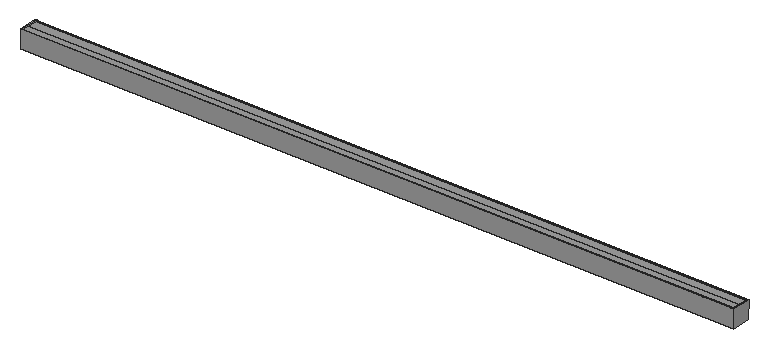
Revit family "VEGA", category Lighting Fixtures, Revit 2022
Family settings
  Round Connector Dimension = Use Diameter
  Part Type = Normal
  OmniClass Number = 23.80.70.00
  OmniClass Title = Lighting
  Work Plane-Based = No
  Always vertical = Yes
  Cut with Voids When Loaded = No
  Light Source = Yes
  Maintain Annotation Orientation = No
  Shared = No
  Room Calculation Point = No
Parameters (values of type "VEGA-18W-3000K-15X30°")
  Wattage Comments = "18W"
  Wattage = 10.3001 W
  built-in parameter 1150110 = 1 (stored number, unit not read)
  URL = "https://www.abovealllighting.com/Product/LED-OUTDOOR-FIXTURES/LEDWallWasher/VEGADCSmallLEDWallWasher.html"
  built-in parameter 1114217 = 1 (stored number, unit not read)
  Tilt Angle = 90.00°
  built-in parameter 1150109 = 1 (stored number, unit not read)
  built-in parameter 1150134 = (empty or 0)
  built-in parameter 1150113 = 1 (stored number, unit not read)
  Power Factor = "0.9"
  Photometric Web File = "VEGA-18W-3000K-15DX30D.ies"
  Model = "VEGA-1830-24V-15X30"
  Manufacturer = "Above All Lighting"  # constant formula
  Lumens = 1530 lm
  built-in parameter 1150115 = 1 (stored number, unit not read)
  built-in parameter 1150105 = 8175.7 (stored number, unit not read)
  Load Classification = Lighting
  built-in parameter 1150137 = (empty or 0)
  built-in parameter 1150139 = (empty or 0)
  built-in parameter 1150112 = 1 (stored number, unit not read)
  built-in parameter 1150114 = 1 (stored number, unit not read)
  Lamp = "LED"
  Input Voltage = "24V DC"
  built-in parameter 1150132 = 2
  built-in parameter 1150102 = (empty or 0)
  built-in parameter 1150138 = (empty or 0)
  built-in parameter 1150107 = 3000 (stored number, unit not read)
  built-in parameter 1150106 = 81.757 (stored number, unit not read)
  IP Rating = "66"
  built-in parameter 1150104 = 13.8 (stored number, unit not read)
  Dimming Lamp Color Temperature Shift = <None>
  Default Elevation = 0' - 0"
  Color Filter = 16777215
  CRI = "70"
  built-in parameter 1114218 = 1 (stored number, unit not read)
  built-in parameter 1150133 = 10 (stored number, unit not read)
Reference planes (in)
  plane 1 "Light Source Axis (F/B)": y = 0
  plane 2: z = 0
  plane 3 "Light Source Axis (L/R)": x = 0
  plane 4 "Light Source Elevation": z = 54
  plane 5: x = -19.75
  plane 6: x = 19.75
  plane 7: y = -0.51
  plane 8: y = 0.51
Forms (in)
  Extrusion 1, solid, material "Default"
    sketch origin (-19.75, 0, 0) x (0, 1, 0) y (0, 0, 1)
      loop
        line (0.51, 54) -> (0.4635, 54) -> (0.4635, 53.95282) -> (0, 53.95282) -> (-0.4635, 53.95282) -> (-0.4635, 54) -> (-0.51, 54) -> (-0.51, 53) -> (0.51, 53) -> (0.51, 54)
    from 0 to 39.5
  Extrusion 2, solid, material "Default"
    sketch origin (0, 0, 0) x (1, 0, 0) y (0, 1, 0)
      loop
        line (-19.75, 0.4635) -> (-19.75, -0.4635) -> (-19.67855, -0.4635) -> (-19.67855, 0.4635) -> (-19.75, 0.4635)
      loop
        line (19.75, 0.4635) -> (19.67855, 0.4635) -> (19.67855, -0.4635) -> (19.75, -0.4635) -> (19.75, 0.4635)
    from 53.95282 to 54
Dimensions and locks (in)
  plane 5 to plane 6 = 3' - 3 1/2"
  plane 7 to plane 8 = 0' - 1.02"
  aligned and locked: plane 3 "Light Source Axis (L/R)" to imposter light
  aligned and locked: plane 1 "Light Source Axis (F/B)" to imposter light
  aligned and locked: plane 4 "Light Source Elevation" to imposter light
  aligned and locked: level to plane 2
